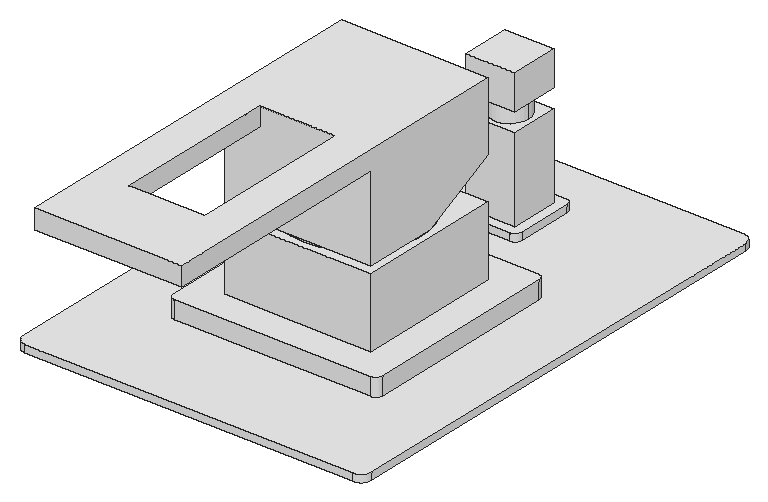
Revit family "Mixer-Bath Shower-Caroma Quatro with Diverter1", category Plumbing Fixtures, host Face, Revit 2013
Parameters (values of type "Standard")
  Waste Connection = no
  Vent Connection = no
  URL = "http://www.caroma.com.au/"
  Type Comments = "Caroma Quatro Bath/Shower Mixer with Diverter"  # constant formula
  Model = "90705C"  # constant formula
  Material_ANZRS = Metal-Chrome-Caroma
  Manufacturer = "GWA Bathrooms & Kitchens"  # constant formula
  HWFU = 2  # constant formula
  HW Connection = yes
  Description = ""
  Default Elevation = 1000 mm
  CreatedBy_ANZRS = "Design Content"  # constant formula
  CreatedByURL_ANZRS = "www.designcontent.com.au"
  Cost = 0
  Connector Radius = 10 mm
  CWFU = 2  # constant formula
  CW Connection = yes
  Assembly Code = "C1030210"
Reference planes
  plane 1 "Center (Front/Back)": y = 0
  plane 2: z = 0
  plane 3 "Center (Left/Right)": x = 0
  plane 4 "Top": y = 80
  plane 5 "Bottom": y = -60
  plane 6 "Left": x = -50
  plane 7 "Right": x = 50
Forms (mm)
  Extrusion 1, void
    sketch origin (0, 2.5, -112.5) x (0, 1, 0) y (0, 0, 1)
      loop
        line (-5.184, 140.225) -> (22.235, 140.225) -> (22.235, 153.305) -> (-5.184, 140.225)
    from -50 to 50
  Extrusion 2, solid, material "Metal-Chrome-Caroma" <- "Material_ANZRS"
    sketch origin (17.071, -2.929, 0) x (1, 0, 0) y (0, 1, 0)
      loop
        circle (-7.071, -7.071) r 10
    from -20 to 0
  Extrusion 3, solid, material "Metal-Chrome-Caroma" <- "Material_ANZRS"
    sketch origin (-17.071, -17.071, 0) x (-1, 0, 0) y (0, -1, 0)
      loop
        circle (-7.071, -7.071) r 10
    from -20 to 0
  Extrusion 4, solid, material "Metal-Chrome-Caroma" <- "Material_ANZRS"
    sketch origin (0, 0, -233.5) x (1, 0, 0) y (0, 1, 0)
      loop
        line (21, -88.994) -> (21, -21) -> (11, -21) -> (11, -68) -> (-11, -68) -> (-11, -21) -> (-21, -21) -> (-21, -88.994) -> (21, -88.994)
    from 287.003 to 292.502
  Extrusion 5, solid, material "Metal-Chrome-Caroma" <- "Material_ANZRS"
    sketch origin (0, 0, 0) x (1, 0, 0) y (0, 1, 0)
      loop
        arc (-28.028, 30) -> (-29.422, 29.422) -> (-30, 28.028) r 1.972
        line (-30, 28.028) -> (-30, -28)
        arc (-30, -28) -> (-29.414, -29.414) -> (-28, -30) r 2
        line (-28, -30) -> (28, -30)
        arc (28, -30) -> (29.414, -29.414) -> (30, -28) r 2
        line (30, -28) -> (30, 28)
        arc (30, 28) -> (29.414, 29.414) -> (28, 30) r 2
        line (28, 30) -> (-28.028, 30)
    from 0 to 7
  Extrusion 6, solid, material "Metal-Chrome-Caroma" <- "Material_ANZRS"
    sketch origin (0, 0, 0) x (1, 0, 0) y (0, 1, 0)
      loop
        line (-21, 21) -> (-21, -21) -> (21, -21) -> (21, 21) -> (-21, 21)
    from 7 to 27
  Extrusion 7, solid, material "Metal-Chrome-Caroma" <- "Material_ANZRS"
    sketch origin (0, 0, -233.5) x (1, 0, 0) y (0, 1, 0)
      loop
        line (21, 21) -> (-21, 21) -> (-21, -21) -> (21, -21) -> (21, 21)
    from 262.5 to 292.502
  Revolve 8, solid, material "Metal-Chrome-Caroma" <- "Material_ANZRS", detail levels fine
    sketch origin (0, 0, -233.5) x (0, 1, 0) y (0, 0, 1)
      loop
        line (-21, 274.284) -> (-21, 278.776)
        arc (-21, 278.776) -> (-21.757, 278.721) -> (-22.273, 278.164) r 1.034
        arc (-22.273, 278.164) -> (-22.817, 276.258) -> (-23, 274.284) r 10.71
        line (-23, 274.284) -> (-21, 274.284)
      axis (-23, 274.284) -> (-21, 274.284)
    angle from 0 to 360
  Revolve 9, solid, material "Metal-Chrome-Caroma" <- "Material_ANZRS"
    sketch origin (0, 0, -233.5) x (0, 1, 0) y (0, 0, 1)
      loop
        arc (18.995, 260.5) -> (17.363, 268.413) -> (12.735, 275.035) r 20.004
        line (12.735, 275.035) -> (0, 275.035) -> (0, 260.5) -> (18.995, 260.5)
      axis (0, 275.035) -> (0, 260.5)
    angle from 0 to 360
  Extrusion 10, solid, material "Metal-Chrome-Caroma" <- "Material_ANZRS"
    sketch origin (45, 0, 0) x (1, 0, 0) y (0, 1, 0)
      loop
        arc (-92, 80) -> (-94.121, 79.121) -> (-95, 77) r 3
        line (-95, 77) -> (-95, -57)
        arc (-95, -57) -> (-94.121, -59.121) -> (-92, -60) r 3
        line (-92, -60) -> (2, -60)
        arc (2, -60) -> (4.121, -59.121) -> (5, -57) r 3
        line (5, -57) -> (5, 77)
        arc (5, 77) -> (4.121, 79.121) -> (2, 80) r 3
        line (2, 80) -> (-92, 80)
    from 0 to 2
  Extrusion 11, solid, material "Metal-Chrome-Caroma" <- "Material_ANZRS"
    sketch origin (0, 0, 0) x (1, 0, 0) y (0, 1, 0)
      loop
        arc (-8, 65) -> (-9.414, 64.414) -> (-10, 63) r 2
        line (-10, 63) -> (-10, 47)
        arc (-10, 47) -> (-9.414, 45.586) -> (-8, 45) r 2
        line (-8, 45) -> (8, 45)
        arc (8, 45) -> (9.414, 45.586) -> (10, 47) r 2
        line (10, 47) -> (10, 63)
        arc (10, 63) -> (9.414, 64.414) -> (8, 65) r 2
        line (8, 65) -> (-8, 65)
    from 0 to 3.98
  Extrusion 12, solid, material "Metal-Chrome-Caroma" <- "Material_ANZRS"
    sketch origin (0, 0, 0) x (1, 0, 0) y (0, 1, 0)
      loop
        line (-7, 62) -> (-7, 48) -> (7, 48) -> (7, 62) -> (-7, 62)
    from 3.98 to 28
  Extrusion 13, solid, material "Metal-Chrome-Caroma" <- "Material_ANZRS"
    sketch origin (0, 0, 0) x (1, 0, 0) y (0, 1, 0)
      loop
        line (-7, 62) -> (-7, 48) -> (7, 48) -> (7, 62) -> (-7, 62)
    from 33.487 to 43.524
  Extrusion 14, solid, material "Metal-Chrome-Caroma" <- "Material_ANZRS"
    sketch origin (0, 0, 0) x (1, 0, 0) y (0, 1, 0)
      loop
        circle (0, 55) r 5.477
    from 28 to 33.487
  Extrusion 15, solid, material "Metal-Chrome-Caroma" <- "Material_ANZRS"
    sketch origin (-17.071, 2.929, 0) x (-1, 0, 0) y (0, -1, 0)
      loop
        circle (-7.071, -7.071) r 10
    from -20 to 0
  Extrusion 16, solid, material "Metal-Chrome-Caroma" <- "Material_ANZRS"
    sketch origin (2.929, 2.929, 0) x (-1, 0, 0) y (0, -1, 0)
      loop
        circle (-7.071, -7.071) r 10
    from -20 to 0
Cuts and joins
  Extrusion 1 cuts Extrusion 7
  joined: Extrusion 4, Extrusion 5, Extrusion 6, Extrusion 7, Revolve 9, Extrusion 10, Extrusion 11, Extrusion 12, Extrusion 13, Extrusion 14
Lines and regions (mm)
  Masking region 1
    outline origin (0, 0, 0) x (1, 0, 0) y (0, 1, 0)
      loop
        arc (-47, 80) -> (-49.121, 79.121) -> (-50, 77) r 3
        line (-50, 77) -> (-50, -57)
        arc (-50, -57) -> (-49.121, -59.121) -> (-47, -60) r 3
        line (-47, -60) -> (-21, -60) -> (-21, -88.994) -> (21, -88.994) -> (21, -60) -> (47, -60)
        arc (47, -60) -> (49.121, -59.121) -> (50, -57) r 3
        line (50, -57) -> (50, 77)
        arc (50, 77) -> (49.121, 79.121) -> (47, 80) r 3
        line (47, 80) -> (-47, 80)
      loop
        line (-11, -68) -> (11, -68) -> (11, -60) -> (-11, -60) -> (-11, -68)
  Masking region 2
    outline origin (0, 0, 0) x (1, 0, 0) y (0, 0, 1)
      loop
        line (50, 0) -> (50, 2) -> (30, 2) -> (30, 7) -> (21, 7) -> (21, 27) -> (18.995, 27) -> (18.894, 29) -> (21, 29) -> (21, 59.002) -> (-21, 59.002) -> (-21, 29) -> (-18.894, 29) -> (-18.995, 27) -> (-21, 27) -> (-21, 7) -> (-30, 7) -> (-30, 2) -> (-50, 2) -> (-50, 0) -> (50, 0)
  symbolic lines
    curve 1: line (-30, 28.028, 0) -> (-30, -28, 0)
    curve 2: arc (-28.028, 30, 0) -> (-29.422, 29.422, 0) -> (-30, 28.028, 0) r 1.972
    curve 3: line (28, 30, 0) -> (-28.028, 30, 0)
    curve 4: arc (30, 28, 0) -> (29.414, 29.414, 0) -> (28, 30, 0) r 2
    curve 5: line (30, -28, 0) -> (30, 28, 0)
    curve 6: arc (28, -30, 0) -> (29.414, -29.414, 0) -> (30, -28, 0) r 2
    curve 7: line (-28, -30, 0) -> (-21, -30, 0)
    curve 8: arc (-30, -28, 0) -> (-29.414, -29.414, 0) -> (-28, -30, 0) r 2
    curve 9: line (-21, 21, 0) -> (-21, -88.994, 0)
    curve 10: line (21, 21, 0) -> (-21, 21, 0)
    curve 11: line (21, -88.994, 0) -> (21, 21, 0)
    curve 12: line (-11, -21, 0) -> (11, -21, 0)
    curve 13: line (-11, -68, 0) -> (-11, -21, 0)
    curve 14: line (11, -21, 0) -> (11, -68, 0)
    curve 15: line (11, -68, 0) -> (-11, -68, 0)
    curve 16: line (-21, -88.994, 0) -> (21, -88.994, 0)
    curve 17: line (-11, -30, 0) -> (11, -30, 0)
    curve 18: line (21, -30, 0) -> (28, -30, 0)
    curve 19: line (30, 0, 7) -> (7, 0, 7)
    curve 20: line (40, 0, 2) -> (-40, 0, 2)
    curve 21: line (21, 0, 27) -> (7, 0, 27)
    curve 22: line (-21, 0, 39.023) -> (-7, 0, 39.023)
    curve 23: line (18.894, 0, 29) -> (18.995, 0, 27)
    curve 24: line (-18.894, 0, 29) -> (-18.995, 0, 27)
    curve 25: spline (18.89, 0, 29) -> (18.73, 0, 29.779) -> (18.399, 0, 30.547) -> (17.898, 0, 31.298) -> (17.232, 0, 32.026) -> (16.408, 0, 32.722) -> (15.433, 0, 33.381) -> (14.316, 0, 33.998) -> (13.067, 0, 34.565) -> (11.698, 0, 35.078) -> (10.222, 0, 35.533) -> (8.651, 0, 35.925) -> (7, 0, 36.25)
    curve 26: spline (-7, 0, 36.25) -> (-8.651, 0, 35.925) -> (-10.222, 0, 35.533) -> (-11.698, 0, 35.078) -> (-13.067, 0, 34.565) -> (-14.316, 0, 33.998) -> (-15.433, 0, 33.381) -> (-16.408, 0, 32.722) -> (-17.232, 0, 32.026) -> (-17.898, 0, 31.298) -> (-18.399, 0, 30.547) -> (-18.73, 0, 29.779) -> (-18.89, 0, 29)
    curve 27: line (-7, 48, 0) -> (7, 48, 0)
    curve 28: line (-7, 62, 0) -> (-7, 48, 0)
    curve 29: line (7, 62, 0) -> (-7, 62, 0)
    curve 30: line (7, 48, 0) -> (7, 62, 0)
    curve 31: line (8, 65, 0) -> (-8, 65, 0)
    curve 32: arc (-8, 65, 0) -> (-9.414, 64.414, 0) -> (-10, 63, 0) r 2
    curve 33: line (-10, 63, 0) -> (-10, 47, 0)
    curve 34: arc (-10, 47, 0) -> (-9.414, 45.586, 0) -> (-8, 45, 0) r 2
    curve 35: line (-8, 45, 0) -> (8, 45, 0)
    curve 36: arc (8, 45, 0) -> (9.414, 45.586, 0) -> (10, 47, 0) r 2
    curve 37: line (10, 47, 0) -> (10, 63, 0)
    curve 38: arc (10, 63, 0) -> (9.414, 64.414, 0) -> (8, 65, 0) r 2
    curve 39: line (10, 0, 2) -> (10, 0, 3.98)
    curve 40: line (10, 0, 3.98) -> (7, 0, 3.98)
    curve 41: line (7, 0, 3.98) -> (7, 0, 28)
    curve 42: line (7, 0, 28) -> (-5.477, 0, 28)
    curve 43: line (5.477, 0, 28) -> (5.477, 0, 33.487)
    curve 44: line (5.477, 0, 33.487) -> (7, 0, 33.487)
    curve 45: line (7, 0, 33.487) -> (7, 0, 43.524)
    curve 46: line (7, 0, 43.524) -> (-7, 0, 43.524)
    curve 47: line (-7, 0, 43.524) -> (-7, 0, 33.487)
    curve 48: line (-7, 0, 33.487) -> (5.477, 0, 33.487)
    curve 49: line (-5.477, 0, 33.487) -> (-5.477, 0, 28)
    curve 50: line (-5.477, 0, 28) -> (-7, 0, 28)
    curve 51: line (-7, 0, 28) -> (-7, 0, 3.98)
    curve 52: line (7, 0, 3.98) -> (-10, 0, 3.98)
    curve 53: line (-10, 0, 3.98) -> (-10, 0, 2)
    curve 54: line (-7, 0, 7) -> (-30, 0, 7)
    curve 55: line (-7, 0, 27) -> (-21, 0, 27)
    curve 56: line (7, 0, 39.023) -> (21, 0, 39.023)
Dimensions and locks
  aligned and locked: plane 2 to host face
  aligned and locked: level to host face
Connectors
  piping at (10, -10, -20), driven by "Connector Radius", driven by "CWFU"
    settings: on Extrusion 2, index 3, connector radius 0.3937", flow factor 0, pipe flow 0 GPM, pressure drop 0.00 psi, fitting loss kfactor 0, connector angle 0.00°, fixture units 2, engagement length 0 mm, flow configuration 3, flow direction 1, fitting loss method 1, system type 20, joint type 0, gender type 0, connector reference index -1, connector utility 0, adjustable connector no, is connector primary yes, fitting loss table "Inward Projecting Pipe", connector description "Cold Inlet"
  piping at (-10, -10, -20), driven by "Connector Radius", driven by "HWFU"
    settings: on Extrusion 3, index 4, connector radius 0.3937", flow factor 0, pipe flow 0 GPM, pressure drop 0.00 psi, fitting loss kfactor 0, connector angle 0.00°, fixture units 2, engagement length 0 mm, flow configuration 3, flow direction 1, fitting loss method 1, system type 19, joint type 0, gender type 0, connector reference index -1, connector utility 0, adjustable connector no, is connector primary no, fitting loss table "Inward Projecting Pipe", connector description "Hot Inlet"
  piping at (-10, 10, -20), driven by "HWFU", driven by "Connector Radius"
    settings: on Extrusion 15, index 5, connector radius 0.3937", flow factor 0, pipe flow 0 GPM, pressure drop 0.00 psi, fitting loss kfactor 0, connector angle 0.00°, fixture units 2, engagement length 0 mm, flow configuration 3, flow direction 2, fitting loss method 1, system type 19, joint type 0, gender type 0, connector reference index -1, connector utility 0, adjustable connector no, is connector primary no, fitting loss table "Inward Projecting Pipe", connector description "Diverter Outlet"
  piping at (10, 10, -20), driven by "Connector Radius", driven by "HWFU"
    settings: on Extrusion 16, index 6, connector radius 0.3937", flow factor 0, pipe flow 0 GPM, pressure drop 0.00 psi, fitting loss kfactor 0, connector angle 0.00°, fixture units 2, engagement length 0 mm, flow configuration 3, flow direction 2, fitting loss method 1, system type 19, joint type 0, gender type 0, connector reference index -1, connector utility 0, adjustable connector no, is connector primary no, fitting loss table "Inward Projecting Pipe", connector description "Bath Outlet"
